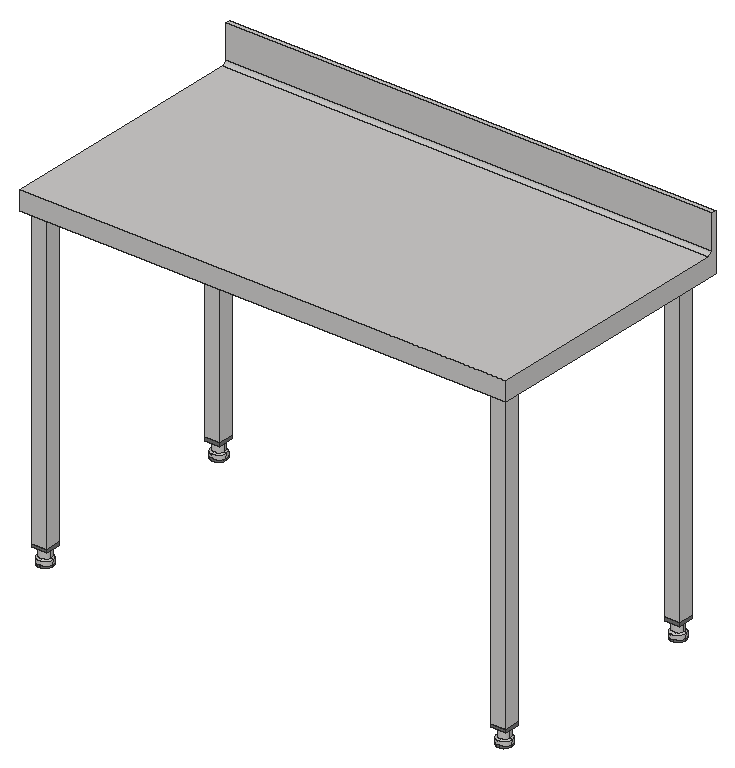
Revit family "QF_ZANUSSI_133233_TG1310N", category Attrezzature speciali, Revit 2020
Family settings
  Quota connettore circolare = Usa diametro
  Tipo di parte = Normale
  Basato su piano di lavoro = No
  Sempre verticale = Sì
  Taglio con vuoti quando caricato = No
  Condiviso = No
  Punto di calcolo locali = No
Parameters (values of type "Standard")
  Weight = 33.15 kg
  Watts = 0 W
  Volts = 0 V
  URL Manufacturer = "http://www.zanussiprofessional.com"
  URL = "http://www.zanussiprofessional.com"
  Steam Supply Size = 0 mm
  Steam Supply Minimum Pressure = 0.0 Pa
  Steam Supply Maximum Pressure = 0.0 Pa
  Steam Consumption per Hour = 0
  Refrigeration Suction Line Size = 0.0 mm
  Refrigeration Liquid Line Size = 0.0 mm
  Refrigerant Compressor Remote = yes
  Prospetto di default = 0.0 mm
  Produttore = "Zanussi"
  Phase = 0
  Modello = "TG1310N"
  Length Actual = 1300.0 mm  # constant formula
  Item Number = "133233"
  Hot Water Size = 0 mm
  Height Actual = 1000.0 mm  # constant formula
  HP = "0 HP"
  Gas Size = 0 mm
  Gas KW = 0
  Gas Input Pressure = 0 W
  Direct Waste Size = 0 mm
  Descrizione = "WORK TABLE WITH UPSTAND 1300 MM"
  Depth Actual = 700.0 mm  # constant formula
  Cycle = 0 Hz
  Condensate Return Size = 0 mm
  Compressed Air Volume = 0.0 L/s
  Compressed Air Size = 0 mm
  Compressed Air Pressure = 0.0 Pa
  Cold Water Size = 0 mm
  Accessory = yes
Reference planes
  plane 1 "Center (Front/Back)": y = 0
  plane 2: z = 0
  plane 3 "Center (Left/Right)": x = -150
  plane 4 "LEFT": x = -800
  plane 5 "RIGHT": x = 500
  plane 6 "BACK": y = 350
  plane 7 "FRONT": y = -350
  plane 8 "Base": z = 850
  plane 9 "TOP": z = 900
  plane 10: x = -764.5
  plane 11: x = 464.5
  plane 12: y = 269.5
  plane 13: y = -310.5
Forms (mm)
  Extrusion 1, solid, material "QF_Finishes_Stainless Steel"
    sketch origin (-150, 0, 0) x (0, 1, 0) y (0, 0, 1)
      loop
        line (-350, 850) -> (350, 850) -> (350, 1000) -> (337, 1000) -> (337, 910)
        arc (337, 910) -> (334.071, 902.929) -> (327, 900) r 10
        line (327, 900) -> (-350, 900) -> (-350, 850)
    from 650 to -650
Lines and regions (mm)
  symbolic lines
    curve 1: line (500, 350, 900) -> (-800, 350, 900)
    curve 2: line (-800, 350, 900) -> (-800, -350, 900)
    curve 3: line (-800, -350, 900) -> (500, -350, 900)
    curve 4: line (500, -350, 900) -> (500, 350, 900)
    curve 5: line (500, 337, 900) -> (-800, 337, 900)
Dimensions and locks
  plane 4 "LEFT" to plane 5 "RIGHT" = 1300.0 mm
  equal spacing: plane 4 "LEFT", plane 3 "Center (Left/Right)", plane 5 "RIGHT"
  locked: plane 8 "Base" to level at 850
  plane 4 "LEFT" to plane 10 = 35.5 mm
  plane 11 to plane 5 "RIGHT" = 35.5 mm
  plane 10 to plane 11 = 1229.0 mm
  locked: Extrusion 1 to level at 1000
  plane 9 "TOP" to level = 900.0 mm
  plane 6 "BACK" to plane 12 = 80.5 mm
  plane 13 to plane 7 "FRONT" = 39.5 mm
  plane 6 "BACK" to plane 7 "FRONT" = 700.0 mm
  plane 12 to plane 13 = 580.0 mm
  equal spacing: plane 6 "BACK", plane 1 "Center (Front/Back)", plane 7 "FRONT"
  aligned and locked: level to plane 2
  aligned and locked: plane 10 to nested 1
  aligned and locked: nested 1 to plane 13
  aligned and locked: plane 11 to nested 2
  aligned and locked: nested 2 to plane 13
  aligned and locked: plane 11 to nested 4
  aligned and locked: nested 4 to plane 12
  aligned and locked: plane 10 to nested 3
  aligned and locked: nested 3 to plane 12
  aligned and locked: Extrusion 1 to plane 4 "LEFT"
  aligned and locked: plane 5 "RIGHT" to Extrusion 1
  aligned and locked: curve 2 to plane 4 "LEFT"
Automatic sketch dimensions
  Extrusion 1 sketch curve to plane 7 "FRONT" = 0.0 mm
  Extrusion 1 sketch curve to plane 9 "TOP" = 0.0 mm
  Extrusion 1 sketch curve to plane 6 "BACK" = 0.0 mm
  Extrusion 1 sketch curve to plane 8 "Base" = 0.0 mm
  plane 9 "TOP" to Extrusion 1 sketch curve = 10.0 mm
  Extrusion 1 sketch curve to plane 6 "BACK" = 13.0 mm
  Extrusion 1 sketch curve to Extrusion 1 sketch curve = 90.0 mm
  curve 3 to plane 7 "FRONT" = 0.0 mm
  curve 5 to plane 5 "RIGHT" = 0.0 mm
  curve 4 to plane 6 "BACK" = 0.0 mm
  curve 5 to plane 6 "BACK" = 13.0 mm
Nested families
  nested 1: "FEET_40x40_APP42" at (-764.5, -310.5, 0), type "FEET_40x40_APP42"
  nested 2: "FEET_40x40_APP42" at (464.5, -310.5, 0), type "FEET_40x40_APP42"
  nested 3: "FEET_40x40_APP42" at (-764.5, 269.5, 0), type "FEET_40x40_APP42"
  nested 4: "FEET_40x40_APP42" at (464.5, 269.5, 0), type "FEET_40x40_APP42"
Definition of nested family "FEET_40x40_APP42"
  Parameters
    Default Elevation = 0.0 mm
    FEET = 850.0 mm
  Reference planes
    plane 1 "Center (Front/Back)": y = 0
    plane 2: z = 0
    plane 3 "Center (Left/Right)": x = 0
    plane 4: z = 850
  Forms (mm)
    Extrusion 1, solid
      sketch origin (0, 0, 0) x (1, 0, 0) y (0, 1, 0)
        loop
          line (-20, -20) -> (20, -20) -> (20, 20) -> (-20, 20) -> (-20, -20)
      from 50 to 845
    Extrusion 2, solid
      sketch origin (0, 0, 0) x (1, 0, 0) y (0, 1, 0)
        loop
          circle (0, 0) r 20
      from 0 to 5
    Extrusion 3, solid
      sketch origin (0, 0, 0) x (1, 0, 0) y (0, 1, 0)
        loop
          line (30, 30) -> (-30, 30) -> (-30, -30) -> (30, -30) -> (30, 30)
      from 845 to 850
    Extrusion 4, solid
      sketch origin (0, 0, 0) x (1, 0, 0) y (0, 1, 0)
        loop
          line (-20, -20) -> (20, -20) -> (20, 20) -> (-20, 20) -> (-20, -20)
      from 50 to 42
    Revolve 5, solid
      sketch origin (0, 0, 0) x (1, 0, 0) y (0, 0, 1)
        loop
          line (0, 42) -> (-15, 42) -> (-15, 20) -> (-20, 15) -> (-20, 5) -> (0, 5) -> (0, 42)
        axis (0, 42) -> (0, 5)
      angle from 0 to 360
  Lines and regions (mm)
    symbolic lines
      curve 1: line (0, -1.503, 0) -> (0, 1.508, 0)
      curve 2: line (1.561, 0, 0) -> (-1.439, 0, 0)
  Dimensions and locks
    "FEET": plane 4 to plane 2
    aligned and locked: level to plane 2
  Automatic sketch dimensions
    plane 1 "Center (Front/Back)" to curve 2 = 0.0 mm
    curve 1 to plane 3 "Center (Left/Right)" = 0.0 mm
    curve 2 to plane 3 "Center (Left/Right)" = 1.439 mm
    plane 3 "Center (Left/Right)" to curve 2 = 1.561 mm
    plane 1 "Center (Front/Back)" to curve 1 = 1.503 mm
    curve 1 to plane 1 "Center (Front/Back)" = 1.508 mm
    Extrusion 1 sketch curve to plane 3 "Center (Left/Right)" = 20.0 mm
    plane 3 "Center (Left/Right)" to Extrusion 1 sketch curve = 20.0 mm
    plane 1 "Center (Front/Back)" to Extrusion 1 sketch curve = 20.0 mm
    Extrusion 1 sketch curve to plane 1 "Center (Front/Back)" = 20.0 mm
    plane 1 "Center (Front/Back)" to Extrusion 2 sketch curve = 0.0 mm
    Extrusion 2 sketch curve to plane 3 "Center (Left/Right)" = 0.0 mm
    Extrusion 3 sketch curve to plane 3 "Center (Left/Right)" = 30.0 mm
    plane 3 "Center (Left/Right)" to Extrusion 3 sketch curve = 30.0 mm
    plane 1 "Center (Front/Back)" to Extrusion 3 sketch curve = 30.0 mm
    Extrusion 3 sketch curve to plane 1 "Center (Front/Back)" = 30.0 mm
    Extrusion 4 sketch curve to plane 3 "Center (Left/Right)" = 20.0 mm
    plane 3 "Center (Left/Right)" to Extrusion 4 sketch curve = 20.0 mm
    plane 1 "Center (Front/Back)" to Extrusion 4 sketch curve = 20.0 mm
    Extrusion 4 sketch curve to plane 1 "Center (Front/Back)" = 20.0 mm
    Revolve 5 sketch curve to plane 3 "Center (Left/Right)" = 0.0 mm  (x2)
    Revolve 5 sketch curve to plane 3 "Center (Left/Right)" = 15.0 mm
    Revolve 5 sketch curve to Revolve 5 sketch curve = 5.0 mm  (x3)
    level to Revolve 5 sketch curve = 5.0 mm
    Revolve 5 sketch curve to Revolve 5 sketch curve = 10.0 mm
    Revolve 5 sketch curve to Revolve 5 sketch curve = 22.0 mm
    Revolve 5 sketch curve to level = 9.561 mm
    radius of Extrusion 2 sketch curve = 20.0 mm
